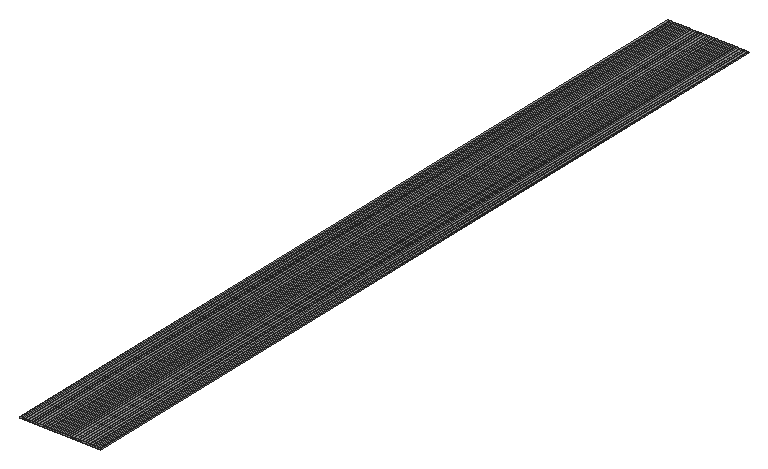
Revit family "111213072058734", category Modelos genéricos, Revit 2018
Family settings
  Puede alojar armadura = No
  Cota de conector redondo = Diámetro de uso
  Tipo de pieza = Normal
  Se basa en plano de trabajo = No
  Siempre vertical = No
  Corte con vacíos al cargar = No
  Compartido = No
  Punto de cálculo de habitación = No
Parameters (values of type "DESCANSO TITAN PVC 300MM GRIS TIRA 3.0MT")
  Ventajas = "Autoextinguible"
  Uso = "Es un producto que se instala en los descansos de las escaleras, es una solución\r\nfabricada en PVC, ideal para zonas de medio y alto trafico, con estrías antideslizantes.\r\nIdeal para: Edificios Públicos y Privados, Colegios, Universidades, Centros comerciales,\r\nAeropuertos, Hoteles, Edificios Habitacionales, entre otros."
  Unidad = "Tiras de 1.20 Mts y 3.00 Mts."
  URL = "https://www.empresascnp.cl/"
  Num SKUs = "111213072058734"
  Nombre SKU = "DESCANSO TITAN PVC 300MM GRIS TIRA 3.0MT"
  Modelo = "DESCANSO TITAN PVC 300MM"
  Material = PVC flexible gris
  Url Ficha tecnica = "https://empresascnp.cl/wp-content/uploads//pdf/ficha-tecnica-descanso-titan-pvc-300mm-amarillo-tira-1-2mt.pdf"
  Largo = 3000.00 mm
  Espesor = 4.00 mm
  Empresa = "CNP SPA."
  Dureza = "80 shore A"
  Dimension = 300.00 mm
  Descripción = "Descanso escalera Titan 30x3.00"
  Contacto = "info@empresascnp.cl"
  Color = "GRIS"
  Aplicacion = "Escaleras"
  Alto = 4.00 mm
Reference planes
  plane 1 "Center F/B": y = 0
  plane 2: z = 0
  plane 3 "Center L/R": x = 0
  plane 4: z = -4
  plane 5 "2": y = 1500
  plane 6 "3": y = -1500
  plane 7: x = 300
  plane 8: z = -2
  plane 9 "4": x = 2
Forms (mm)
  Extrusion 1, solid, material "PVC flexible gris" <- "Material"
    sketch origin (0, 0, 0) x (1, 0, 0) y (0, 0, 1)
      loop
        line (0, 46) -> (0, 44) -> (300, 44) -> (300, 46) -> (298, 46) -> (298, 48) -> (292, 48) -> (292, 46) -> (288, 46) -> (288, 48) -> (282, 48) -> (282, 46) -> (278, 46) -> (278, 48) -> (272, 48) -> (272, 46) -> (268, 46) -> (268, 48) -> (262, 48) -> (262, 46) -> (258, 46) -> (258, 48) -> (252, 48) -> (252, 46) -> (248, 46) -> (248, 48) -> (242, 48) -> (242, 46) -> (238, 46) -> (238, 48) -> (232, 48) -> (232, 46) -> (228, 46) -> (228, 48) -> (222, 48) -> (222, 46) -> (218, 46) -> (218, 48) -> (212, 48) -> (212, 46) -> (208, 46) -> (208, 48) -> (202, 48) -> (202, 46) -> (198, 46) -> (198, 48) -> (192, 48) -> (192, 46) -> (188, 46) -> (188, 48) -> (182, 48) -> (182, 46) -> (178, 46) -> (178, 48) -> (172, 48) -> (172, 46) -> (168, 46) -> (168, 48) -> (162, 48) -> (162, 46) -> (158, 46) -> (158, 48) -> (152, 48) -> (152, 46) -> (148, 46) -> (148, 48) -> (142, 48) -> (142, 46) -> (138, 46) -> (138, 48) -> (132, 48) -> (132, 46) -> (128, 46) -> (128, 48) -> (122, 48) -> (122, 46) -> (118, 46) -> (118, 48) -> (112, 48) -> (112, 46) -> (108, 46) -> (108, 48) -> (102, 48) -> (102, 46) -> (98, 46) -> (98, 48) -> (92, 48) -> (92, 46) -> (88, 46) -> (88, 48) -> (82, 48) -> (82, 46) -> (78, 46) -> (78, 48) -> (72, 48) -> (72, 46) -> (68, 46) -> (68, 48) -> (62, 48) -> (62, 46) -> (58, 46) -> (58, 48) -> (52, 48) -> (52, 46) -> (48, 46) -> (48, 48) -> (42, 48) -> (42, 46) -> (38, 46) -> (38, 48) -> (32, 48) -> (32, 46) -> (28, 46) -> (28, 48) -> (22, 48) -> (22, 46) -> (18, 46) -> (18, 48) -> (12, 48) -> (12, 46) -> (8, 46) -> (8, 48) -> (2, 48) -> (2, 46) -> (0, 46)
    from -1500 to 1500
Dimensions and locks
  "Alto": level to plane 4
  equal spacing: plane 6 "3", plane 1 "Center F/B", plane 5 "2"
  "Largo": plane 6 "3" to plane 5 "2"
  "Dimension": plane 7 to plane 3 "Center L/R"
  aligned and locked: plane 6 "3" to Extrusion 1
  aligned and locked: Extrusion 1 to plane 5 "2"
Automatic sketch dimensions
  Extrusion 1 sketch curve to plane 4 = 50.00 mm
  Extrusion 1 sketch curve to plane 9 "4" = 2.00 mm
  Extrusion 1 sketch curve to Extrusion 1 sketch curve = 2.00 mm  (x33)
  Extrusion 1 sketch curve to Extrusion 1 sketch curve = 6.00 mm  (x29)
  Extrusion 1 sketch curve to Extrusion 1 sketch curve = 4.00 mm  (x29)
  Extrusion 1 sketch curve to plane 7 = 92.00 mm
  Extrusion 1 sketch curve to plane 4 = 48.00 mm
  Extrusion 1 sketch curve to Extrusion 1 sketch curve = 0.00 mm  (x29)
